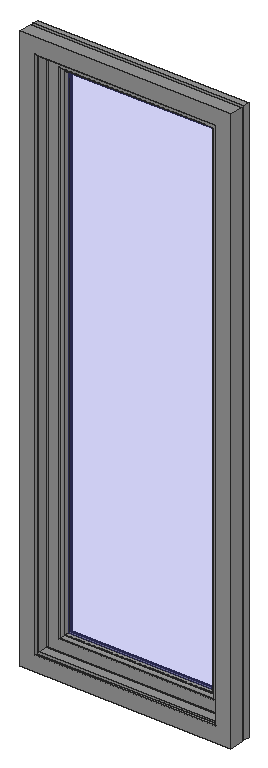
Revit family "MA1 LH", category Windows, host Wall, Revit 2015
Parameters (values of type "MA1 LH")
  Height = 1461 mm
  Default Lintel Height = 2100 mm
  Wall Closure = By host
  Width = 542 mm
Reference planes
  plane 1 "Center (Front/Back)": y = 0
  plane 2 "Center (Left/Right)": x = 0
  plane 3 "Left": x = -271
  plane 4 "Right": x = 271
  plane 5 "Sill": z = 639
  plane 6 "Head": z = 2100
  plane 7 "Exterior": y = 100
  plane 8 "Interior": y = -100
  plane 9: y = -28.5
  plane 10: y = 23.5
Forms (mm)
  Sweep 1, solid, material "Lauan, Meranti"
    path origin (0, 100, 0) x (1, 0, 0) y (0, 0, 1)
      loop
        line (271, 2100) -> (-271, 2100) -> (-271, 639) -> (271, 639) -> (271, 2100)
    profile origin (0, 100, 2100) x (0, 0, -1) y (0, -1, 0)
      loop
        line (0, 71.5) -> (29, 71.5) -> (29, 96.5) -> (37.5, 96.5) -> (37.5, 102.5) -> (40.5, 102.5) -> (40.5, 96.5) -> (44, 96.5) -> (44, 122.5) -> (39, 122.5) -> (39, 128.5) -> (0, 128.5) -> (0, 94.5) -> (10, 94.5) -> (10, 86.5) -> (0, 86.5) -> (0, 71.5)
  Sweep 2, solid, material "Rubber"
    path origin (0, 100, 0) x (1, 0, 0) y (0, 0, 1)
      loop
        line (242, 2071) -> (-242, 2071) -> (-242, 668) -> (242, 668) -> (242, 2071)
    profile origin (0, 100, 2071) x (0, 0, -1) y (0, -1, 0)
      loop
        line (10, 91.5) -> (15, 93.5) -> (15, 96.5) -> (11, 96.5) -> (11, 98.93) -> (12, 98.93) -> (11, 99.198) -> (11, 100.964) -> (12, 100.964) -> (10, 101.5) -> (8, 100.964) -> (9, 100.964) -> (9, 99.198) -> (8, 98.93) -> (9, 98.93) -> (9, 96.5) -> (5, 96.5) -> (5, 93.5) -> (10, 91.5)
  Sweep 3, solid, material "Lauan, Meranti"
    path origin (0, 100, 0) x (1, 0, 0) y (0, 0, 1)
      loop
        line (242, 2071) -> (-242, 2071) -> (-242, 668) -> (242, 668) -> (242, 2071)
    profile origin (0, 100, 2071) x (0, 0, -1) y (0, -1, 0)
      loop
        arc (-5, 57.5) -> (-3.242, 53.257) -> (1, 51.5) r 6
        line (1, 51.5) -> (43, 51.5) -> (43, 76.5) -> (52, 76.5) -> (52, 84.5) -> (49, 84.5)
        arc (49, 84.5) -> (47.243, 88.743) -> (43, 90.5) r 6
        line (43, 90.5) -> (43, 93.5) -> (10, 93.5) -> (10, 89.5) -> (12, 89.5) -> (12, 84.5) -> (14, 83.964) -> (14, 79.036) -> (12, 78.5) -> (12, 71.5) -> (-5, 71.5) -> (-5, 57.5)
  Sweep 4, solid, material "Lauan, Meranti"
    path origin (0, 100, 0) x (1, 0, 0) y (0, 0, 1)
      loop
        line (198.986, 2027.989) -> (-198.986, 2027.989) -> (-198.986, 711.011) -> (198.986, 711.011) -> (198.986, 2027.989)
    profile origin (0, 100, 2027.989) x (0, 0, -1) y (0, -1, 0)
      loop
        arc (0, 62.1) -> (4.67, 63.734) -> (7, 68.1) r 6.807
        line (7, 68.1) -> (9, 68.1) -> (9, 70.1) -> (0, 70.1) -> (0, 62.1)
  Extrusion 5, solid, material "Glass"
    sketch origin (-271, 0, 0) x (0, -1, 0) y (0, 0, 1)
      loop
        line (-23.5, 2028) -> (-29.9, 2028) -> (-29.9, 711) -> (-23.5, 711) -> (-23.5, 2028)
    from -470 to -72
Lines and regions (mm)
  Opening 1
    outline origin (3500, -100, 0) x (1, 0, 0) y (0, 0, 1)
      loop
        line (-3229, 639) -> (-3229, 2100) -> (-3771, 2100) -> (-3771, 639) -> (-3229, 639)
  model lines
    curve 1: line (247, 48.5, 2076) -> (-247, 48.5, 1369.5)
    curve 2: line (-247, 48.5, 1369.5) -> (247, 48.5, 663)
Text (mm)
  text "EXTERIOR" at (-1963.203, 1332.353, 0), in view "Ref. Level"
  text "INTERIOR" at (-1981.466, -818.386, 0), in view "Ref. Level"
  text "Exterior" at (0, 923.751, 2943.296), in view "Right"
  text "Exterior" at (0, 1040.484, 2685.409), in view "Left"
Dimensions and locks
  equal spacing: plane 3 "Left", plane 2 "Center (Left/Right)", plane 4 "Right"
  "Width": plane 3 "Left" to plane 4 "Right"
  "Height": plane 5 "Sill" to plane 6 "Head"
  "Default Lintel Height": plane 6 "Head" to level
  locked: plane 7 "Exterior" to host wall at 0
  locked: plane 8 "Interior" to host wall
  locked: plane 10 to plane 9 at 52
  aligned and locked: Sweep 1 sketch curve to host wall  (x4)
  aligned and locked: Sweep 3 sketch curve to Sweep 1  (x4)
  aligned and locked: Sweep 4 sketch curve to Sweep 3  (x2)
  aligned and locked: Extrusion 5 to Sweep 3  (x3)
  aligned and locked: Extrusion 5 to Sweep 4
  aligned and locked: Sweep 2 sketch curve to Sweep 1  (x4)
Automatic sketch dimensions
  plane 3 "Left" to Opening 1 sketch curve = 0 mm
  plane 4 "Right" to Opening 1 sketch curve = 0 mm
  Opening 1 sketch curve to plane 5 "Sill" = 0 mm
  Opening 1 sketch curve to plane 6 "Head" = 0 mm
  Sweep 1 sketch curve to profile plane = 0 mm  (x2)
  Sweep 1 sketch curve to profile plane = 10 mm
  Sweep 1 sketch curve to Sweep 1 sketch curve = 19 mm
  Sweep 1 sketch curve to Sweep 1 sketch curve = 8.5 mm
  Sweep 1 sketch curve to Sweep 1 sketch curve = 1.5 mm
  Sweep 1 sketch curve to Sweep 1 sketch curve = 3 mm
  Sweep 1 sketch curve to Sweep 1 sketch curve = 3.5 mm
  plane 7 "Exterior" to Sweep 1 sketch curve = 71.5 mm
  Sweep 1 sketch curve to Sweep 1 sketch curve = 15 mm
  Sweep 1 sketch curve to Sweep 1 sketch curve = 8 mm
  Sweep 1 sketch curve to Sweep 1 sketch curve = 25 mm
  Sweep 1 sketch curve to Sweep 1 sketch curve = 0 mm
  Sweep 1 sketch curve to Sweep 1 sketch curve = 6 mm
  Sweep 1 sketch curve to Sweep 1 sketch curve = 20 mm
  Sweep 1 sketch curve to Sweep 1 sketch curve = 34 mm
  profile plane to Sweep 3 sketch curve = 5 mm
  Sweep 3 sketch curve to profile plane = 1 mm
  Sweep 3 sketch curve to profile plane = 10 mm
  Sweep 3 sketch curve to Sweep 3 sketch curve = 2 mm  (x2)
  Sweep 3 sketch curve to profile plane = 12 mm
  Sweep 3 sketch curve to Sweep 3 sketch curve = 31 mm
  Sweep 3 sketch curve to Sweep 3 sketch curve = 0 mm
  Sweep 3 sketch curve to Sweep 3 sketch curve = 6 mm
  Sweep 3 sketch curve to Sweep 3 sketch curve = 3 mm  (x2)
  Sweep 3 sketch curve to Sweep 3 sketch curve = 4 mm
  Sweep 3 sketch curve to Sweep 3 sketch curve = 5 mm
  Sweep 3 sketch curve to Sweep 3 sketch curve = 0.536 mm  (x2)
  Sweep 3 sketch curve to Sweep 3 sketch curve = 4.928 mm
  Sweep 3 sketch curve to Sweep 3 sketch curve = 8 mm
  Sweep 3 sketch curve to Sweep 3 sketch curve = 7 mm
  Sweep 3 sketch curve to Sweep 3 sketch curve = 14 mm
  plane 4 "Right" to Sweep 4 sketch curve = 72.014 mm
  plane 6 "Head" to Sweep 4 sketch curve = 72.011 mm
  Sweep 4 sketch curve to profile plane = 0 mm
  Sweep 4 sketch curve to profile plane = 0.241 mm
  Sweep 4 sketch curve to Sweep 4 sketch curve = 6.759 mm
  Sweep 4 sketch curve to Sweep 4 sketch curve = 2 mm  (x2)
  plane 7 "Exterior" to Sweep 4 sketch curve = 62.1 mm
  Sweep 4 sketch curve to Sweep 4 sketch curve = 6 mm
  curve 1 to plane 3 "Left" = 24 mm
  curve 2 to plane 5 "Sill" = 730.5 mm
  plane 4 "Right" to curve 2 = 24 mm
  plane 4 "Right" to curve 1 = 24 mm
  curve 2 to plane 5 "Sill" = 24 mm
  plane 6 "Head" to curve 1 = 24 mm
  Extrusion 5 sketch curve to plane 10 = 0 mm
  Extrusion 5 sketch curve to Extrusion 5 sketch curve = 6.4 mm
  Extrusion 5 sketch curve to plane 5 "Sill" = 72 mm
  plane 6 "Head" to Extrusion 5 sketch curve = 72 mm
  Sweep 2 sketch curve to Sweep 2 sketch curve = 0 mm  (x4)
  Sweep 2 sketch curve to Sweep 2 sketch curve = 1 mm  (x5)
  Sweep 2 sketch curve to Sweep 2 sketch curve = 2 mm  (x2)
  Sweep 2 sketch curve to Sweep 2 sketch curve = 4 mm
  Sweep 2 sketch curve to Sweep 2 sketch curve = 3 mm  (x3)
  Sweep 2 sketch curve to Sweep 2 sketch curve = 2.43 mm  (x2)
  Sweep 2 sketch curve to Sweep 2 sketch curve = 0.268 mm  (x2)
  Sweep 2 sketch curve to Sweep 2 sketch curve = 1.766 mm  (x2)
  Sweep 2 sketch curve to Sweep 2 sketch curve = 0.536 mm
  Sweep 2 sketch curve to profile plane = 5 mm
  plane 7 "Exterior" to Sweep 2 sketch curve = 91.5 mm
  plane 7 "Exterior" to Sweep 3 sketch curve = 51.5 mm
